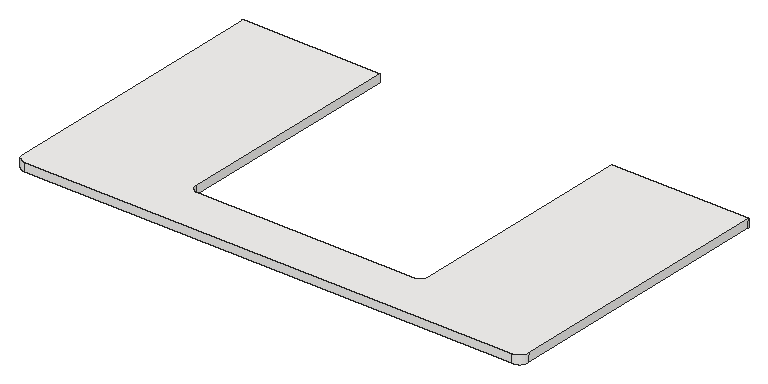
Revit family "console with cutout for countertop basin ground", category Furniture, Revit 2019 (continued)
  Console 980_550 with cutout in the middle for countertop basin ground 500_480-54095910-DIAMOND_GREY-200 | "11" | "DIAMOND_GREY" | "Surfaces:    - 54095050 High Gloss White  - 54095910 Diamond Matt Grey  - 54095230 Natural Oak  - 54095630 Dark Walnut      Specification:" | "https://pro.hansgrohe.com/articledetail--54095050" | "54095XXX" | "Console 980/550 with cutout in the middle for countertop basin ground 500/480-54095910-DIAMOND_GREY-200" | "Xelu Q Console 980/550 with cutout in the middle for countertop basin ground 500/480" | "Console 980/550 with cutout in the middle for countertop basin ground 500/480-54095910-DIAMOND_GREY-200" | "{$CADENAS_DATA/23d-libs/hansgrohe/xelu_furniture/console_with_cutout_for_countertop_basin_ground/console_with_cutout_for_countertop_basinground.prj},395 {VTYP=3D},{NB=Console 980/550 with cutout in the middle for countertop basin ground 500/480-54095910-DIAMOND_GREY-200},{LINA=Console 980/550 with cutout in the middle for countertop basin ground 500/480-54095910-DIAMOND_GREY-200},{NN=Console with cutout for countertop basin ground},{DATE=10.03.2023 08:11:51},{GEOMDATE=08.03.2023 13:28:53},{VERSION=},{LINEID=50},{WBVAR=LODLEVEL},{WBNUMERIC=}  {NB=Console 980/550 with cutout in the middle for countertop basin ground 500/480-54095910-DIAMOND_GREY-200},{LINA=Console 980/550 with cutout in the middle for countertop basin ground 500/480-54095910-DIAMOND_GREY-200},{KT=DUMMY},{IDNR=5},{ARTNR=54095910},{BASENUMBER=Console 980/550 with cutout in the middle for countertop basin ground 500/480},{MODEL=54095XXX},{SURFACE=DIAMOND_GREY},{L=980},{LODLEVEL=200},{LODLEVELX='400','400','200','200'},{L1=450},{LL=490},{NAME=Xelu Q Console 980/550 with cutout in the middle for countertop basin ground 500/480},{PERMALINK=54095XXX},{OBJECTTYPE=Object (single object)},{BIMOBJECT=Sanitary: Compound units },{PRODUCTFAMILY=Xelu Q},{PRODUCTGROUP=console},{WEIGHT=11},{DESCRIPTION=Xelu Q Console 980/550 with cutout in the middle for countertop basin ground 500/480},{SPECIFICATION=Surfaces:    - 54095050 High Gloss White  - 54095910 Diamond Matt Grey  - 54095230 Natural Oak  - 54095630 Dark Walnut      Specification:},{PRODUCTURL=https://pro.hansgrohe.com/articledetail--54095050},{GTINCODE=4059625457092},{TENDERURL=},{IFC=Furnishing element},{ETIM=EC011381 | Bathroom furniture set},{UNICLASS2015=Pr_40_20_76_94 | Vanity units},{OMNICLASS=23-19 31 17 11 | Bathroom Units},{MASTERFORMAT=12 35 30.23 | Bathroom Casework},{UNSPSC=56 | Furniture and Furnishings},{UNIFORMATII=E2010 | Fixed Furnishings},{REGIONSET=Worldwide},{DESIGN=Germany},{MANUFACTURER=Germany}" | "200" | 490 | "Console 980/550 with cutout in the middle for countertop basin ground 500/480-54095910-DIAMOND_GREY-200" | 450 | 980 | 5 | "4059625457092" | no | no | no | no | no | no | no | no | no | yes | no | no | no | no | no | no | no | no | no | no | no | no | no | no | no | no | no | no | no | no | no | no | no | no | no | no | no | no | no | no | no | no | no | no | no | no | no | no | no | no | no | no | no | no | no | no | no | no | no | no | no | no | no | no | "Console 980/550 with cutout in the middle for countertop basin ground 500/480" | "54095910"
  Console 980_550 with cutout in the middle for countertop basin ground 500_480-54095910-DIAMOND_GREY-400 | "11" | "DIAMOND_GREY" | "Surfaces:    - 54095050 High Gloss White  - 54095910 Diamond Matt Grey  - 54095230 Natural Oak  - 54095630 Dark Walnut      Specification:" | "https://pro.hansgrohe.com/articledetail--54095050" | "54095XXX" | "Console 980/550 with cutout in the middle for countertop basin ground 500/480-54095910-DIAMOND_GREY-400" | "Xelu Q Console 980/550 with cutout in the middle for countertop basin ground 500/480" | "Console 980/550 with cutout in the middle for countertop basin ground 500/480-54095910-DIAMOND_GREY-400" | "{$CADENAS_DATA/23d-libs/hansgrohe/xelu_furniture/console_with_cutout_for_countertop_basin_ground/console_with_cutout_for_countertop_basinground.prj},395 {VTYP=3D},{NB=Console 980/550 with cutout in the middle for countertop basin ground 500/480-54095910-DIAMOND_GREY-400},{LINA=Console 980/550 with cutout in the middle for countertop basin ground 500/480-54095910-DIAMOND_GREY-400},{NN=Console with cutout for countertop basin ground},{DATE=10.03.2023 08:11:51},{GEOMDATE=08.03.2023 13:28:53},{VERSION=},{LINEID=50},{WBVAR=LODLEVEL},{WBNUMERIC=}  {NB=Console 980/550 with cutout in the middle for countertop basin ground 500/480-54095910-DIAMOND_GREY-400},{LINA=Console 980/550 with cutout in the middle for countertop basin ground 500/480-54095910-DIAMOND_GREY-400},{KT=DUMMY},{IDNR=5},{ARTNR=54095910},{BASENUMBER=Console 980/550 with cutout in the middle for countertop basin ground 500/480},{MODEL=54095XXX},{SURFACE=DIAMOND_GREY},{L=980},{LODLEVEL=400},{LODLEVELX='400','400','200','200'},{L1=450},{LL=490},{NAME=Xelu Q Console 980/550 with cutout in the middle for countertop basin ground 500/480},{PERMALINK=54095XXX},{OBJECTTYPE=Object (single object)},{BIMOBJECT=Sanitary: Compound units },{PRODUCTFAMILY=Xelu Q},{PRODUCTGROUP=console},{WEIGHT=11},{DESCRIPTION=Xelu Q Console 980/550 with cutout in the middle for countertop basin ground 500/480},{SPECIFICATION=Surfaces:    - 54095050 High Gloss White  - 54095910 Diamond Matt Grey  - 54095230 Natural Oak  - 54095630 Dark Walnut      Specification:},{PRODUCTURL=https://pro.hansgrohe.com/articledetail--54095050},{GTINCODE=4059625457092},{TENDERURL=},{IFC=Furnishing element},{ETIM=EC011381 | Bathroom furniture set},{UNICLASS2015=Pr_40_20_76_94 | Vanity units},{OMNICLASS=23-19 31 17 11 | Bathroom Units},{MASTERFORMAT=12 35 30.23 | Bathroom Casework},{UNSPSC=56 | Furniture and Furnishings},{UNIFORMATII=E2010 | Fixed Furnishings},{REGIONSET=Worldwide},{DESIGN=Germany},{MANUFACTURER=Germany}" | "400" | 490 | "Console 980/550 with cutout in the middle for countertop basin ground 500/480-54095910-DIAMOND_GREY-400" | 450 | 980 | 5 | "4059625457092" | no | no | no | no | no | no | no | no | yes | no | no | no | no | no | no | no | no | no | no | no | no | no | no | no | no | no | no | no | no | no | no | no | no | no | no | no | no | no | no | no | no | no | no | no | no | no | no | no | no | no | no | no | no | no | no | no | no | no | no | no | no | no | no | no | "Console 980/550 with cutout in the middle for countertop basin ground 500/480" | "54095910"
  Console 980_550 with cutout in the middle for countertop basin ground 600_480-54110050-GLOSSY_WHITE-200 | "11" | "GLOSSY_WHITE" | "Surfaces:    - 54110050 High Gloss White  - 54110910 Diamond Matt Grey  - 54110230 Natural Oak  - 54110630 Dark Walnut      Specification" | "https://pro.hansgrohe.com/articledetail--54110050" | "54110XXX" | "Console 980/550 with cutout in the middle for countertop basin ground 600/480-54110050-GLOSSY_WHITE-200" | "Xelu Q Console 980/550 with cutout in the middle for countertop basin ground 600/480" | "Console 980/550 with cutout in the middle for countertop basin ground 600/480-54110050-GLOSSY_WHITE-200" | "{$CADENAS_DATA/23d-libs/hansgrohe/xelu_furniture/console_with_cutout_for_countertop_basin_ground/console_with_cutout_for_countertop_basinground.prj},396 {VTYP=3D},{NB=Console 980/550 with cutout in the middle for countertop basin ground 600/480-54110050-GLOSSY_WHITE-200},{LINA=Console 980/550 with cutout in the middle for countertop basin ground 600/480-54110050-GLOSSY_WHITE-200},{NN=Console with cutout for countertop basin ground},{DATE=10.03.2023 08:11:51},{GEOMDATE=08.03.2023 13:28:53},{VERSION=},{LINEID=690},{WBVAR=LODLEVEL},{WBNUMERIC=}  {NB=Console 980/550 with cutout in the middle for countertop basin ground 600/480-54110050-GLOSSY_WHITE-200},{LINA=Console 980/550 with cutout in the middle for countertop basin ground 600/480-54110050-GLOSSY_WHITE-200},{KT=DUMMY},{IDNR=27},{ARTNR=54110050},{BASENUMBER=Console 980/550 with cutout in the middle for countertop basin ground 600/480},{MODEL=54110XXX},{SURFACE=GLOSSY_WHITE},{L=980},{LODLEVEL=200},{LODLEVELX='400','400','200','200'},{L1=550},{LL=490},{NAME=Xelu Q Console 980/550 with cutout in the middle for countertop basin ground 600/480},{PERMALINK=54110XXX},{OBJECTTYPE=Object (single object)},{BIMOBJECT=Sanitary: Compound units },{PRODUCTFAMILY=Xelu Q},{PRODUCTGROUP=console},{WEIGHT=11},{DESCRIPTION=Xelu Q Console 980/550 with cutout in the middle for countertop basin ground 600/480},{SPECIFICATION=Surfaces:    - 54110050 High Gloss White  - 54110910 Diamond Matt Grey  - 54110230 Natural Oak  - 54110630 Dark Walnut      Specification},{PRODUCTURL=https://pro.hansgrohe.com/articledetail--54110050},{GTINCODE=4059625457252},{TENDERURL=},{IFC=Furnishing element},{ETIM=EC011381 | Bathroom furniture set},{UNICLASS2015=Pr_40_20_76_94 | Vanity units},{OMNICLASS=23-19 31 17 11 | Bathroom Units},{MASTERFORMAT=12 35 30.23 | Bathroom Casework},{UNSPSC=56 | Furniture and Furnishings},{UNIFORMATII=E2010 | Fixed Furnishings},{REGIONSET=Worldwide},{DESIGN=Germany},{MANUFACTURER=Germany}" | "200" | 490 | "Console 980/550 with cutout in the middle for countertop basin ground 600/480-54110050-GLOSSY_WHITE-200" | 550 | 980 | 27 | "4059625457252" | no | no | no | no | no | no | no | yes | no | no | no | no | no | no | no | no | no | no | no | no | no | no | no | no | no | no | no | no | no | no | no | no | no | no | no | no | no | no | no | no | no | no | no | no | no | no | no | no | no | no | no | no | no | no | no | no | no | no | no | no | no | no | no | no | "Console 980/550 with cutout in the middle for countertop basin ground 600/480" | "54110050"
  Console 980_550 with cutout in the middle for countertop basin ground 600_480-54110050-GLOSSY_WHITE-400 | "11" | "GLOSSY_WHITE" | "Surfaces:    - 54110050 High Gloss White  - 54110910 Diamond Matt Grey  - 54110230 Natural Oak  - 54110630 Dark Walnut      Specification" | "https://pro.hansgrohe.com/articledetail--54110050" | "54110XXX" | "Console 980/550 with cutout in the middle for countertop basin ground 600/480-54110050-GLOSSY_WHITE-400" | "Xelu Q Console 980/550 with cutout in the middle for countertop basin ground 600/480" | "Console 980/550 with cutout in the middle for countertop basin ground 600/480-54110050-GLOSSY_WHITE-400" | "{$CADENAS_DATA/23d-libs/hansgrohe/xelu_furniture/console_with_cutout_for_countertop_basin_ground/console_with_cutout_for_countertop_basinground.prj},396 {VTYP=3D},{NB=Console 980/550 with cutout in the middle for countertop basin ground 600/480-54110050-GLOSSY_WHITE-400},{LINA=Console 980/550 with cutout in the middle for countertop basin ground 600/480-54110050-GLOSSY_WHITE-400},{NN=Console with cutout for countertop basin ground},{DATE=10.03.2023 08:11:51},{GEOMDATE=08.03.2023 13:28:53},{VERSION=},{LINEID=690},{WBVAR=LODLEVEL},{WBNUMERIC=}  {NB=Console 980/550 with cutout in the middle for countertop basin ground 600/480-54110050-GLOSSY_WHITE-400},{LINA=Console 980/550 with cutout in the middle for countertop basin ground 600/480-54110050-GLOSSY_WHITE-400},{KT=DUMMY},{IDNR=27},{ARTNR=54110050},{BASENUMBER=Console 980/550 with cutout in the middle for countertop basin ground 600/480},{MODEL=54110XXX},{SURFACE=GLOSSY_WHITE},{L=980},{LODLEVEL=400},{LODLEVELX='400','400','200','200'},{L1=550},{LL=490},{NAME=Xelu Q Console 980/550 with cutout in the middle for countertop basin ground 600/480},{PERMALINK=54110XXX},{OBJECTTYPE=Object (single object)},{BIMOBJECT=Sanitary: Compound units },{PRODUCTFAMILY=Xelu Q},{PRODUCTGROUP=console},{WEIGHT=11},{DESCRIPTION=Xelu Q Console 980/550 with cutout in the middle for countertop basin ground 600/480},{SPECIFICATION=Surfaces:    - 54110050 High Gloss White  - 54110910 Diamond Matt Grey  - 54110230 Natural Oak  - 54110630 Dark Walnut      Specification},{PRODUCTURL=https://pro.hansgrohe.com/articledetail--54110050},{GTINCODE=4059625457252},{TENDERURL=},{IFC=Furnishing element},{ETIM=EC011381 | Bathroom furniture set},{UNICLASS2015=Pr_40_20_76_94 | Vanity units},{OMNICLASS=23-19 31 17 11 | Bathroom Units},{MASTERFORMAT=12 35 30.23 | Bathroom Casework},{UNSPSC=56 | Furniture and Furnishings},{UNIFORMATII=E2010 | Fixed Furnishings},{REGIONSET=Worldwide},{DESIGN=Germany},{MANUFACTURER=Germany}" | "400" | 490 | "Console 980/550 with cutout in the middle for countertop basin ground 600/480-54110050-GLOSSY_WHITE-400" | 550 | 980 | 27 | "4059625457252" | no | no | no | no | no | no | yes | no | no | no | no | no | no | no | no | no | no | no | no | no | no | no | no | no | no | no | no | no | no | no | no | no | no | no | no | no | no | no | no | no | no | no | no | no | no | no | no | no | no | no | no | no | no | no | no | no | no | no | no | no | no | no | no | no | "Console 980/550 with cutout in the middle for countertop basin ground 600/480" | "54110050"
  Console 980_550 with cutout in the middle for countertop basin ground 600_480-54110230-NATURAL_OAK-200 | "11" | "NATURAL_OAK" | "Surfaces:    - 54110050 High Gloss White  - 54110910 Diamond Matt Grey  - 54110230 Natural Oak  - 54110630 Dark Walnut      Specification" | "https://pro.hansgrohe.com/articledetail--54110050" | "54110XXX" | "Console 980/550 with cutout in the middle for countertop basin ground 600/480-54110230-NATURAL_OAK-200" | "Xelu Q Console 980/550 with cutout in the middle for countertop basin ground 600/480" | "Console 980/550 with cutout in the middle for countertop basin ground 600/480-54110230-NATURAL_OAK-200" | "{$CADENAS_DATA/23d-libs/hansgrohe/xelu_furniture/console_with_cutout_for_countertop_basin_ground/console_with_cutout_for_countertop_basinground.prj},394 {VTYP=3D},{NB=Console 980/550 with cutout in the middle for countertop basin ground 600/480-54110230-NATURAL_OAK-200},{LINA=Console 980/550 with cutout in the middle for countertop basin ground 600/480-54110230-NATURAL_OAK-200},{NN=Console with cutout for countertop basin ground},{DATE=10.03.2023 08:11:51},{GEOMDATE=08.03.2023 13:28:53},{VERSION=},{LINEID=670},{WBVAR=LODLEVEL},{WBNUMERIC=}  {NB=Console 980/550 with cutout in the middle for countertop basin ground 600/480-54110230-NATURAL_OAK-200},{LINA=Console 980/550 with cutout in the middle for countertop basin ground 600/480-54110230-NATURAL_OAK-200},{KT=DUMMY},{IDNR=25},{ARTNR=54110230},{BASENUMBER=Console 980/550 with cutout in the middle for countertop basin ground 600/480},{MODEL=54110XXX},{SURFACE=NATURAL_OAK},{L=980},{LODLEVEL=200},{LODLEVELX='400','400','200','200'},{L1=550},{LL=490},{NAME=Xelu Q Console 980/550 with cutout in the middle for countertop basin ground 600/480},{PERMALINK=54110XXX},{OBJECTTYPE=Object (single object)},{BIMOBJECT=Sanitary: Compound units },{PRODUCTFAMILY=Xelu Q},{PRODUCTGROUP=console},{WEIGHT=11},{DESCRIPTION=Xelu Q Console 980/550 with cutout in the middle for countertop basin ground 600/480},{SPECIFICATION=Surfaces:    - 54110050 High Gloss White  - 54110910 Diamond Matt Grey  - 54110230 Natural Oak  - 54110630 Dark Walnut      Specification},{PRODUCTURL=https://pro.hansgrohe.com/articledetail--54110050},{GTINCODE=4059625457252},{TENDERURL=},{IFC=Furnishing element},{ETIM=EC011381 | Bathroom furniture set},{UNICLASS2015=Pr_40_20_76_94 | Vanity units},{OMNICLASS=23-19 31 17 11 | Bathroom Units},{MASTERFORMAT=12 35 30.23 | Bathroom Casework},{UNSPSC=56 | Furniture and Furnishings},{UNIFORMATII=E2010 | Fixed Furnishings},{REGIONSET=Worldwide},{DESIGN=Germany},{MANUFACTURER=Germany}" | "200" | 490 | "Console 980/550 with cutout in the middle for countertop basin ground 600/480-54110230-NATURAL_OAK-200" | 550 | 980 | 25 | "4059625457252" | no | no | no | no | no | yes | no | no | no | no | no | no | no | no | no | no | no | no | no | no | no | no | no | no | no | no | no | no | no | no | no | no | no | no | no | no | no | no | no | no | no | no | no | no | no | no | no | no | no | no | no | no | no | no | no | no | no | no | no | no | no | no | no | no | "Console 980/550 with cutout in the middle for countertop basin ground 600/480" | "54110230"
  Console 980_550 with cutout in the middle for countertop basin ground 600_480-54110230-NATURAL_OAK-400 | "11" | "NATURAL_OAK" | "Surfaces:    - 54110050 High Gloss White  - 54110910 Diamond Matt Grey  - 54110230 Natural Oak  - 54110630 Dark Walnut      Specification" | "https://pro.hansgrohe.com/articledetail--54110050" | "54110XXX" | "Console 980/550 with cutout in the middle for countertop basin ground 600/480-54110230-NATURAL_OAK-400" | "Xelu Q Console 980/550 with cutout in the middle for countertop basin ground 600/480" | "Console 980/550 with cutout in the middle for countertop basin ground 600/480-54110230-NATURAL_OAK-400" | "{$CADENAS_DATA/23d-libs/hansgrohe/xelu_furniture/console_with_cutout_for_countertop_basin_ground/console_with_cutout_for_countertop_basinground.prj},394 {VTYP=3D},{NB=Console 980/550 with cutout in the middle for countertop basin ground 600/480-54110230-NATURAL_OAK-400},{LINA=Console 980/550 with cutout in the middle for countertop basin ground 600/480-54110230-NATURAL_OAK-400},{NN=Console with cutout for countertop basin ground},{DATE=10.03.2023 08:11:51},{GEOMDATE=08.03.2023 13:28:53},{VERSION=},{LINEID=670},{WBVAR=LODLEVEL},{WBNUMERIC=}  {NB=Console 980/550 with cutout in the middle for countertop basin ground 600/480-54110230-NATURAL_OAK-400},{LINA=Console 980/550 with cutout in the middle for countertop basin ground 600/480-54110230-NATURAL_OAK-400},{KT=DUMMY},{IDNR=25},{ARTNR=54110230},{BASENUMBER=Console 980/550 with cutout in the middle for countertop basin ground 600/480},{MODEL=54110XXX},{SURFACE=NATURAL_OAK},{L=980},{LODLEVEL=400},{LODLEVELX='400','400','200','200'},{L1=550},{LL=490},{NAME=Xelu Q Console 980/550 with cutout in the middle for countertop basin ground 600/480},{PERMALINK=54110XXX},{OBJECTTYPE=Object (single object)},{BIMOBJECT=Sanitary: Compound units },{PRODUCTFAMILY=Xelu Q},{PRODUCTGROUP=console},{WEIGHT=11},{DESCRIPTION=Xelu Q Console 980/550 with cutout in the middle for countertop basin ground 600/480},{SPECIFICATION=Surfaces:    - 54110050 High Gloss White  - 54110910 Diamond Matt Grey  - 54110230 Natural Oak  - 54110630 Dark Walnut      Specification},{PRODUCTURL=https://pro.hansgrohe.com/articledetail--54110050},{GTINCODE=4059625457252},{TENDERURL=},{IFC=Furnishing element},{ETIM=EC011381 | Bathroom furniture set},{UNICLASS2015=Pr_40_20_76_94 | Vanity units},{OMNICLASS=23-19 31 17 11 | Bathroom Units},{MASTERFORMAT=12 35 30.23 | Bathroom Casework},{UNSPSC=56 | Furniture and Furnishings},{UNIFORMATII=E2010 | Fixed Furnishings},{REGIONSET=Worldwide},{DESIGN=Germany},{MANUFACTURER=Germany}" | "400" | 490 | "Console 980/550 with cutout in the middle for countertop basin ground 600/480-54110230-NATURAL_OAK-400" | 550 | 980 | 25 | "4059625457252" | no | no | no | no | yes | no | no | no | no | no | no | no | no | no | no | no | no | no | no | no | no | no | no | no | no | no | no | no | no | no | no | no | no | no | no | no | no | no | no | no | no | no | no | no | no | no | no | no | no | no | no | no | no | no | no | no | no | no | no | no | no | no | no | no | "Console 980/550 with cutout in the middle for countertop basin ground 600/480" | "54110230"
  Console 980_550 with cutout in the middle for countertop basin ground 600_480-54110630-DARK_WALNUT-200 | "11" | "DARK_WALNUT" | "Surfaces:    - 54110050 High Gloss White  - 54110910 Diamond Matt Grey  - 54110230 Natural Oak  - 54110630 Dark Walnut      Specification" | "https://pro.hansgrohe.com/articledetail--54110050" | "54110XXX" | "Console 980/550 with cutout in the middle for countertop basin ground 600/480-54110630-DARK_WALNUT-200" | "Xelu Q Console 980/550 with cutout in the middle for countertop basin ground 600/480" | "Console 980/550 with cutout in the middle for countertop basin ground 600/480-54110630-DARK_WALNUT-200" | "{$CADENAS_DATA/23d-libs/hansgrohe/xelu_furniture/console_with_cutout_for_countertop_basin_ground/console_with_cutout_for_countertop_basinground.prj},394 {VTYP=3D},{NB=Console 980/550 with cutout in the middle for countertop basin ground 600/480-54110630-DARK_WALNUT-200},{LINA=Console 980/550 with cutout in the middle for countertop basin ground 600/480-54110630-DARK_WALNUT-200},{NN=Console with cutout for countertop basin ground},{DATE=10.03.2023 08:11:51},{GEOMDATE=08.03.2023 13:28:53},{VERSION=},{LINEID=700},{WBVAR=LODLEVEL},{WBNUMERIC=}  {NB=Console 980/550 with cutout in the middle for countertop basin ground 600/480-54110630-DARK_WALNUT-200},{LINA=Console 980/550 with cutout in the middle for countertop basin ground 600/480-54110630-DARK_WALNUT-200},{KT=DUMMY},{IDNR=28},{ARTNR=54110630},{BASENUMBER=Console 980/550 with cutout in the middle for countertop basin ground 600/480},{MODEL=54110XXX},{SURFACE=DARK_WALNUT},{L=980},{LODLEVEL=200},{LODLEVELX='400','400','200','200'},{L1=550},{LL=490},{NAME=Xelu Q Console 980/550 with cutout in the middle for countertop basin ground 600/480},{PERMALINK=54110XXX},{OBJECTTYPE=Object (single object)},{BIMOBJECT=Sanitary: Compound units },{PRODUCTFAMILY=Xelu Q},{PRODUCTGROUP=console},{WEIGHT=11},{DESCRIPTION=Xelu Q Console 980/550 with cutout in the middle for countertop basin ground 600/480},{SPECIFICATION=Surfaces:    - 54110050 High Gloss White  - 54110910 Diamond Matt Grey  - 54110230 Natural Oak  - 54110630 Dark Walnut      Specification},{PRODUCTURL=https://pro.hansgrohe.com/articledetail--54110050},{GTINCODE=4059625457252},{TENDERURL=},{IFC=Furnishing element},{ETIM=EC011381 | Bathroom furniture set},{UNICLASS2015=Pr_40_20_76_94 | Vanity units},{OMNICLASS=23-19 31 17 11 | Bathroom Units},{MASTERFORMAT=12 35 30.23 | Bathroom Casework},{UNSPSC=56 | Furniture and Furnishings},{UNIFORMATII=E2010 | Fixed Furnishings},{REGIONSET=Worldwide},{DESIGN=Germany},{MANUFACTURER=Germany}" | "200" | 490 | "Console 980/550 with cutout in the middle for countertop basin ground 600/480-54110630-DARK_WALNUT-200" | 550 | 980 | 28 | "4059625457252" | no | no | no | yes | no | no | no | no | no | no | no | no | no | no | no | no | no | no | no | no | no | no | no | no | no | no | no | no | no | no | no | no | no | no | no | no | no | no | no | no | no | no | no | no | no | no | no | no | no | no | no | no | no | no | no | no | no | no | no | no | no | no | no | no | "Console 980/550 with cutout in the middle for countertop basin ground 600/480" | "54110630"
  Console 980_550 with cutout in the middle for countertop basin ground 600_480-54110630-DARK_WALNUT-400 | "11" | "DARK_WALNUT" | "Surfaces:    - 54110050 High Gloss White  - 54110910 Diamond Matt Grey  - 54110230 Natural Oak  - 54110630 Dark Walnut      Specification" | "https://pro.hansgrohe.com/articledetail--54110050" | "54110XXX" | "Console 980/550 with cutout in the middle for countertop basin ground 600/480-54110630-DARK_WALNUT-400" | "Xelu Q Console 980/550 with cutout in the middle for countertop basin ground 600/480" | "Console 980/550 with cutout in the middle for countertop basin ground 600/480-54110630-DARK_WALNUT-400" | "{$CADENAS_DATA/23d-libs/hansgrohe/xelu_furniture/console_with_cutout_for_countertop_basin_ground/console_with_cutout_for_countertop_basinground.prj},394 {VTYP=3D},{NB=Console 980/550 with cutout in the middle for countertop basin ground 600/480-54110630-DARK_WALNUT-400},{LINA=Console 980/550 with cutout in the middle for countertop basin ground 600/480-54110630-DARK_WALNUT-400},{NN=Console with cutout for countertop basin ground},{DATE=10.03.2023 08:11:51},{GEOMDATE=08.03.2023 13:28:53},{VERSION=},{LINEID=700},{WBVAR=LODLEVEL},{WBNUMERIC=}  {NB=Console 980/550 with cutout in the middle for countertop basin ground 600/480-54110630-DARK_WALNUT-400},{LINA=Console 980/550 with cutout in the middle for countertop basin ground 600/480-54110630-DARK_WALNUT-400},{KT=DUMMY},{IDNR=28},{ARTNR=54110630},{BASENUMBER=Console 980/550 with cutout in the middle for countertop basin ground 600/480},{MODEL=54110XXX},{SURFACE=DARK_WALNUT},{L=980},{LODLEVEL=400},{LODLEVELX='400','400','200','200'},{L1=550},{LL=490},{NAME=Xelu Q Console 980/550 with cutout in the middle for countertop basin ground 600/480},{PERMALINK=54110XXX},{OBJECTTYPE=Object (single object)},{BIMOBJECT=Sanitary: Compound units },{PRODUCTFAMILY=Xelu Q},{PRODUCTGROUP=console},{WEIGHT=11},{DESCRIPTION=Xelu Q Console 980/550 with cutout in the middle for countertop basin ground 600/480},{SPECIFICATION=Surfaces:    - 54110050 High Gloss White  - 54110910 Diamond Matt Grey  - 54110230 Natural Oak  - 54110630 Dark Walnut      Specification},{PRODUCTURL=https://pro.hansgrohe.com/articledetail--54110050},{GTINCODE=4059625457252},{TENDERURL=},{IFC=Furnishing element},{ETIM=EC011381 | Bathroom furniture set},{UNICLASS2015=Pr_40_20_76_94 | Vanity units},{OMNICLASS=23-19 31 17 11 | Bathroom Units},{MASTERFORMAT=12 35 30.23 | Bathroom Casework},{UNSPSC=56 | Furniture and Furnishings},{UNIFORMATII=E2010 | Fixed Furnishings},{REGIONSET=Worldwide},{DESIGN=Germany},{MANUFACTURER=Germany}" | "400" | 490 | "Console 980/550 with cutout in the middle for countertop basin ground 600/480-54110630-DARK_WALNUT-400" | 550 | 980 | 28 | "4059625457252" | no | no | yes | no | no | no | no | no | no | no | no | no | no | no | no | no | no | no | no | no | no | no | no | no | no | no | no | no | no | no | no | no | no | no | no | no | no | no | no | no | no | no | no | no | no | no | no | no | no | no | no | no | no | no | no | no | no | no | no | no | no | no | no | no | "Console 980/550 with cutout in the middle for countertop basin ground 600/480" | "54110630"
  Console 980_550 with cutout in the middle for countertop basin ground 600_480-54110910-DIAMOND_GREY-200 | "11" | "DIAMOND_GREY" | "Surfaces:    - 54110050 High Gloss White  - 54110910 Diamond Matt Grey  - 54110230 Natural Oak  - 54110630 Dark Walnut      Specification" | "https://pro.hansgrohe.com/articledetail--54110050" | "54110XXX" | "Console 980/550 with cutout in the middle for countertop basin ground 600/480-54110910-DIAMOND_GREY-200" | "Xelu Q Console 980/550 with cutout in the middle for countertop basin ground 600/480" | "Console 980/550 with cutout in the middle for countertop basin ground 600/480-54110910-DIAMOND_GREY-200" | "{$CADENAS_DATA/23d-libs/hansgrohe/xelu_furniture/console_with_cutout_for_countertop_basin_ground/console_with_cutout_for_countertop_basinground.prj},396 {VTYP=3D},{NB=Console 980/550 with cutout in the middle for countertop basin ground 600/480-54110910-DIAMOND_GREY-200},{LINA=Console 980/550 with cutout in the middle for countertop basin ground 600/480-54110910-DIAMOND_GREY-200},{NN=Console with cutout for countertop basin ground},{DATE=10.03.2023 08:11:51},{GEOMDATE=08.03.2023 13:28:53},{VERSION=},{LINEID=680},{WBVAR=LODLEVEL},{WBNUMERIC=}  {NB=Console 980/550 with cutout in the middle for countertop basin ground 600/480-54110910-DIAMOND_GREY-200},{LINA=Console 980/550 with cutout in the middle for countertop basin ground 600/480-54110910-DIAMOND_GREY-200},{KT=DUMMY},{IDNR=26},{ARTNR=54110910},{BASENUMBER=Console 980/550 with cutout in the middle for countertop basin ground 600/480},{MODEL=54110XXX},{SURFACE=DIAMOND_GREY},{L=980},{LODLEVEL=200},{LODLEVELX='400','400','200','200'},{L1=550},{LL=490},{NAME=Xelu Q Console 980/550 with cutout in the middle for countertop basin ground 600/480},{PERMALINK=54110XXX},{OBJECTTYPE=Object (single object)},{BIMOBJECT=Sanitary: Compound units },{PRODUCTFAMILY=Xelu Q},{PRODUCTGROUP=console},{WEIGHT=11},{DESCRIPTION=Xelu Q Console 980/550 with cutout in the middle for countertop basin ground 600/480},{SPECIFICATION=Surfaces:    - 54110050 High Gloss White  - 54110910 Diamond Matt Grey  - 54110230 Natural Oak  - 54110630 Dark Walnut      Specification},{PRODUCTURL=https://pro.hansgrohe.com/articledetail--54110050},{GTINCODE=4059625457252},{TENDERURL=},{IFC=Furnishing element},{ETIM=EC011381 | Bathroom furniture set},{UNICLASS2015=Pr_40_20_76_94 | Vanity units},{OMNICLASS=23-19 31 17 11 | Bathroom Units},{MASTERFORMAT=12 35 30.23 | Bathroom Casework},{UNSPSC=56 | Furniture and Furnishings},{UNIFORMATII=E2010 | Fixed Furnishings},{REGIONSET=Worldwide},{DESIGN=Germany},{MANUFACTURER=Germany}" | "200" | 490 | "Console 980/550 with cutout in the middle for countertop basin ground 600/480-54110910-DIAMOND_GREY-200" | 550 | 980 | 26 | "4059625457252" | no | yes | no | no | no | no | no | no | no | no | no | no | no | no | no | no | no | no | no | no | no | no | no | no | no | no | no | no | no | no | no | no | no | no | no | no | no | no | no | no | no | no | no | no | no | no | no | no | no | no | no | no | no | no | no | no | no | no | no | no | no | no | no | no | "Console 980/550 with cutout in the middle for countertop basin ground 600/480" | "54110910"
  Console 980_550 with cutout in the middle for countertop basin ground 600_480-54110910-DIAMOND_GREY-400 | "11" | "DIAMOND_GREY" | "Surfaces:    - 54110050 High Gloss White  - 54110910 Diamond Matt Grey  - 54110230 Natural Oak  - 54110630 Dark Walnut      Specification" | "https://pro.hansgrohe.com/articledetail--54110050" | "54110XXX" | "Console 980/550 with cutout in the middle for countertop basin ground 600/480-54110910-DIAMOND_GREY-400" | "Xelu Q Console 980/550 with cutout in the middle for countertop basin ground 600/480" | "Console 980/550 with cutout in the middle for countertop basin ground 600/480-54110910-DIAMOND_GREY-400" | "{$CADENAS_DATA/23d-libs/hansgrohe/xelu_furniture/console_with_cutout_for_countertop_basin_ground/console_with_cutout_for_countertop_basinground.prj},396 {VTYP=3D},{NB=Console 980/550 with cutout in the middle for countertop basin ground 600/480-54110910-DIAMOND_GREY-400},{LINA=Console 980/550 with cutout in the middle for countertop basin ground 600/480-54110910-DIAMOND_GREY-400},{NN=Console with cutout for countertop basin ground},{DATE=10.03.2023 08:11:51},{GEOMDATE=08.03.2023 13:28:53},{VERSION=},{LINEID=680},{WBVAR=LODLEVEL},{WBNUMERIC=}  {NB=Console 980/550 with cutout in the middle for countertop basin ground 600/480-54110910-DIAMOND_GREY-400},{LINA=Console 980/550 with cutout in the middle for countertop basin ground 600/480-54110910-DIAMOND_GREY-400},{KT=DUMMY},{IDNR=26},{ARTNR=54110910},{BASENUMBER=Console 980/550 with cutout in the middle for countertop basin ground 600/480},{MODEL=54110XXX},{SURFACE=DIAMOND_GREY},{L=980},{LODLEVEL=400},{LODLEVELX='400','400','200','200'},{L1=550},{LL=490},{NAME=Xelu Q Console 980/550 with cutout in the middle for countertop basin ground 600/480},{PERMALINK=54110XXX},{OBJECTTYPE=Object (single object)},{BIMOBJECT=Sanitary: Compound units },{PRODUCTFAMILY=Xelu Q},{PRODUCTGROUP=console},{WEIGHT=11},{DESCRIPTION=Xelu Q Console 980/550 with cutout in the middle for countertop basin ground 600/480},{SPECIFICATION=Surfaces:    - 54110050 High Gloss White  - 54110910 Diamond Matt Grey  - 54110230 Natural Oak  - 54110630 Dark Walnut      Specification},{PRODUCTURL=https://pro.hansgrohe.com/articledetail--54110050},{GTINCODE=4059625457252},{TENDERURL=},{IFC=Furnishing element},{ETIM=EC011381 | Bathroom furniture set},{UNICLASS2015=Pr_40_20_76_94 | Vanity units},{OMNICLASS=23-19 31 17 11 | Bathroom Units},{MASTERFORMAT=12 35 30.23 | Bathroom Casework},{UNSPSC=56 | Furniture and Furnishings},{UNIFORMATII=E2010 | Fixed Furnishings},{REGIONSET=Worldwide},{DESIGN=Germany},{MANUFACTURER=Germany}" | "400" | 490 | "Console 980/550 with cutout in the middle for countertop basin ground 600/480-54110910-DIAMOND_GREY-400" | 550 | 980 | 26 | "4059625457252" | yes | no | no | no | no | no | no | no | no | no | no | no | no | no | no | no | no | no | no | no | no | no | no | no | no | no | no | no | no | no | no | no | no | no | no | no | no | no | no | no | no | no | no | no | no | no | no | no | no | no | no | no | no | no | no | no | no | no | no | no | no | no | no | no | "Console 980/550 with cutout in the middle for countertop basin ground 600/480" | "54110910"
